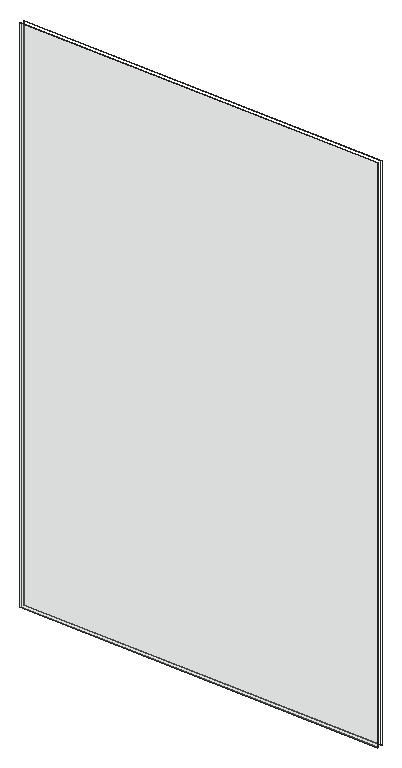
Revit family "Building-Materials_Glass-Glazing_Vitro-Architectural-Glass_Optiblue-Glass", category Curtain Panels, Revit 2026
Family settings
  Classification Number = 23.25.20.14.11.11.17
  Always vertical = Yes
  Cut with Voids When Loaded = No
  Shared = No
Parameters (values of type "Solarban 90 (2) Optiblue + Clear")
  Visual Light Transmittance = if(Glass Code = 1, 0.51, if(Glass Code = 2, 0.46, if(Glass Code = 3, 0.37, 0.37)))  # 0.37
  UV Light Transmittance = 0.05
  URL = "https://www.vitroglazings.com/"
  U-Value Argon (Winter Night) = 0.2400 BTU/(h·ft²·°F)
  U-Value Argon (Summer Day) = 0.2100 BTU/(h·ft²·°F)
  U-Value Air (Winter Night) = 0.2900 BTU/(h·ft²·°F)
  U-Value Air (Summer Day) = 0.2700 BTU/(h·ft²·°F)
  Total Thickness = Airspace Thickness + [1st Lite Thickness] + [2nd Lite Thickness]  # 0' - 1"
  Thermal Resistance (R) = 8.3333 (h·ft²·°F)/BTU  # constant formula
  Solar Light Transmittance = 0.14
  Solar Heat Gain Coefficient = if(Glass Code = 1, 0.32, if(Glass Code = 2, 0.23, if(Glass Code = 3, 0.2, 0.2)))  # 0.2
  Shadow Coefficient = 0.22
  Reflectance (Visible Interior) = 19
  Reflectance (Visible Exterior) = 8
  Product data url = "https://www.bimobject.com/vitroarchictecturalglass/product/optiblue-glass"
  Product Page URL = "https://www.vitroglazings.com/products/performance-tinted-glass/blue-green-tinted-glass/optiblue-glass/"
  Product Guid = "a833fc07-8210-4d2f-8438-37bb3653fa00"
  Model = "Solarban 90 (2) Optiblue + Clear"
  Manufacturer = "Vitro Architectural Glass "  # constant formula
  Light to Solar Gain = 1.85
  Keynote = "08900"  # constant formula
  Interior Glass Material = Vitro Architectural-Glass - Clear
  ISO Damage Weighted Transmittance = 0.279
  Heat Transfer Coefficient (U) = 0.2900 BTU/(h·ft²·°F)  # constant formula
  Glass Code = 3
  Finish = "Glass"  # constant formula
  Exterior Glass Material = Vitro Architectural-Glass - Solarban 90 (2) Optiblue
  Description = "Optiblue® glass is a light-bodied, neutral color tint that optimizes the performance and aesthetics of Solarban® glass coatings as substrates."  # constant formula
  Define Thermal Properties by = Schematic Type
  Assembly Code = "B2020220"
  Analytic Construction = "Low-E double glazing (1/4 in + 1/4 in)"
  Airspace Thickness = 0' - 0 1/2"  # constant formula
  2nd Lite Thickness = 0' - 0 1/4"  # constant formula
  1st Lite Thickness = 0' - 0 1/4"  # constant formula
Types (3): name | Visual Light Transmittance | UV Light Transmittance | U-Value Argon (Summer Day) | U-Value Air (Winter Night) | U-Value Air (Summer Day) | Solar Light Transmittance | Solar Heat Gain Coefficient | Shadow Coefficient | Reflectance (Visible Interior) | Reflectance (Visible Exterior) | Model | Light to Solar Gain | ISO Damage Weighted Transmittance | Glass Code | Exterior Glass Material
  Solarban 90 (2) Optiblue + Clear | 0.37 | 0.05 | 0.2100 BTU/(h·ft²·°F) | 0.2900 BTU/(h·ft²·°F) | 0.2700 BTU/(h·ft²·°F) | 0.14 | 0.2 | 0.22 | 19 | 8 | "Solarban 90 (2) Optiblue + Clear" | 1.85 | 0.279 | 3 | Vitro Architectural-Glass - Solarban 90 (2) Optiblue
  Solarban 60/z50 (2) Optiblue + Clear | 0.51 | 0.14 | 0.2200 BTU/(h·ft²·°F) | 0.2900 BTU/(h·ft²·°F) | 0.2700 BTU/(h·ft²·°F) | 0.26 | 0.32 | 0.37 | 11 | 8 | "Solarban 60/z50 (2) Optiblue + Clear" | 1.59 | 0.418 | 1 | Vitro Architectural-Glass - Solarban 60 (2) Optiblue
  Solarban 70/z75 (2) Optiblue + Clear | 0.46 | 0.05 | 0.2100 BTU/(h·ft²·°F) | 0.2800 BTU/(h·ft²·°F) | 0.2600 BTU/(h·ft²·°F) | 0.18 | 0.23 | 0.26 | 13 | 9 | "Solarban 70/z75 (2) Optiblue + Clear" | 2 | 0.337 | 2 | Vitro Architectural-Glass - Solarban 70 (2) Optiblue
Reference planes (in)
  plane 1 "Front": y = 0
  plane 2: z = 0
  plane 3 "Center (Left/Right)": x = 0
  plane 4 "Left": x = -32.75106
  plane 5 "Right": x = 32.75106
  plane 6 "Top": z = 96
  plane 7: y = 0.25
  plane 8: y = -0.25
Forms (in)
  Extrusion 1, solid, material "Vitro Architectural-Glass - Clear" <- "Interior Glass Material"
    sketch origin (0, 0.5, 0) x (1, 0, 0) y (0, 1, 0)
      loop
        line (-32.75106, 0) -> (-32.75106, -0.25) -> (32.75106, -0.25) -> (32.75106, 0) -> (-32.75106, 0)
    from 0 to 96
  Extrusion 2, solid, material "Vitro Architectural-Glass - Solarban 90 (2) Optiblue" <- "Exterior Glass Material"
    sketch origin (0, -0.5, 0) x (1, 0, 0) y (0, 1, 0)
      loop
        line (-32.75106, 0.25) -> (-32.75106, 0) -> (32.75106, 0) -> (32.75106, 0.25) -> (-32.75106, 0.25)
    from 0 to 96
Text (in)
  text "Exterior" at (-54.29358, 31.38743, 0), in view "Ref. Level"
  text "Exterior" at (480, 41.53993, 89.60405), in view "Right"
  text "Exterior" at (-240, 57.82419, 105.78864), in view "Left"
Dimensions and locks (in)
  equal spacing: plane 4 "Left", plane 3 "Center (Left/Right)", plane 5 "Right"
  "2nd Lite Thickness": Extrusion 2 sketch curve to Extrusion 2 sketch curve
  equal spacing: plane 7, plane 1 "Front", plane 8
  "Airspace Thickness": plane 7 to plane 8
  "1st Lite Thickness": Extrusion 1 sketch curve to plane 7
  "Total Thickness": Extrusion 2 to Extrusion 1
  aligned and locked: level to plane 2
  aligned and locked: Extrusion 1 sketch curve to plane 4 "Left"
  aligned and locked: plane 5 "Right" to Extrusion 1 sketch curve
  aligned and locked: plane 5 "Right" to Extrusion 2 sketch curve
  aligned and locked: Extrusion 2 sketch curve to plane 4 "Left"
  aligned and locked: Extrusion 1 to plane 6 "Top"
  aligned and locked: Extrusion 1 to level
  aligned and locked: Extrusion 2 to plane 6 "Top"
  aligned and locked: Extrusion 2 to level
  aligned and locked: plane 8 to Extrusion 2
  aligned and locked: plane 7 to Extrusion 1 sketch curve
  aligned and locked: Extrusion 2 sketch curve to plane 8
